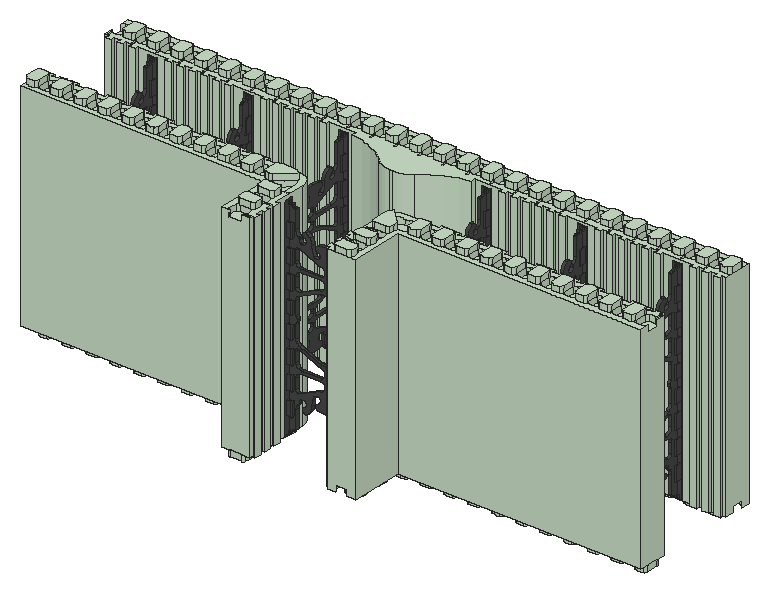
Revit family
Parameters (values of type "6-inch Short T Form Unit")
  URL = "www.nudura.com"
  Overall Form Thickness = 0' - 11 1/4"
  Model = "6-inch Long T Form Unit"
  Manufacturer = "NUDURA Corporation"
  Concrete Core Thickness = 0' - 6"
Reference planes (in)
  plane 1 "Center (Front/Back)": y = 0
  plane 2: z = 0
  plane 3 "Center (Left/Right)": x = 0
  plane 4: y = 3
  plane 5: y = -3
  plane 6: x = 3
  plane 7: x = -3
  plane 8: z = 18
Forms (in)
  Extrusion 1, solid, material "NUDURA Expanded Polystyrene Foam Insulation"
    sketch origin (0, 0, 0) x (1, 0, 0) y (0, 1, 0)
      loop
        arc (-3.25, -4.49998) -> (-3.61612, -3.6161) -> (-4.5, -3.24998) r 1.25
        line (-4.5, -3.24998) -> (-7.28117, -3.24998) -> (-7.21883, -2.99998) -> (-7.78117, -2.99998) -> (-7.71883, -3.24998) -> (-8.28117, -3.24998) -> (-8.21883, -2.99998) -> (-8.78117, -2.99998) -> (-8.71883, -3.24998) -> (-9.28117, -3.24998) -> (-9.21883, -2.99998) -> (-9.78117, -2.99998) -> (-9.71883, -3.24998) -> (-10.28117, -3.24998) -> (-10.21883, -2.99998) -> (-10.78117, -2.99998) -> (-10.71883, -3.24998) -> (-11.2818, -3.24998) -> (-11.21947, -2.99998) -> (-11.7818, -2.99998) -> (-11.71947, -3.24998) -> (-12.2818, -3.24998) -> (-12.21947, -2.99998) -> (-12.7818, -2.99998) -> (-12.71947, -3.24998) -> (-15.28116, -3.24998) -> (-15.21883, -2.99998) -> (-15.78116, -2.99998) -> (-15.71883, -3.24998) -> (-16.28116, -3.24998) -> (-16.21883, -2.99998) -> (-16.78116, -2.99998) -> (-16.71883, -3.24998) -> (-17.28116, -3.24998) -> (-17.21883, -2.99998) -> (-17.78116, -2.99998) -> (-17.71883, -3.24998) -> (-18.28179, -3.24998) -> (-18.21946, -2.99998) -> (-18.78179, -2.99998) -> (-18.71946, -3.24998) -> (-19.28179, -3.24998) -> (-19.21946, -2.99998) -> (-19.78179, -2.99998) -> (-19.71946, -3.24998) -> (-20.28179, -3.24998) -> (-20.21946, -2.99998) -> (-20.78179, -2.99998) -> (-20.71946, -3.24998) -> (-23.28115, -3.24998) -> (-23.21882, -2.99998) -> (-23.78115, -2.99998) -> (-23.71882, -3.24998) -> (-24.28115, -3.24998) -> (-24.21882, -2.99998) -> (-24.78115, -2.99998) -> (-24.71882, -3.24998) -> (-25.28115, -3.24998) -> (-25.21882, -2.99998) -> (-25.78115, -2.99998) -> (-25.71882, -3.24998) -> (-26, -3.24998) -> (-26, -5.62244) -> (-5.625, -5.62244) -> (-5.625, -9.99744) -> (-3.25, -9.99744) -> (-3.25, -9.71882) -> (-3, -9.78115) -> (-3, -9.21882) -> (-3.25, -9.28115) -> (-3.25, -8.71882) -> (-3, -8.78115) -> (-3, -8.21882) -> (-3.25, -8.28115) -> (-3.25, -7.71882) -> (-3, -7.78115) -> (-3, -7.21882) -> (-3.25, -7.28115) -> (-3.25, -4.49998)
      loop
        line (5, 2.875) -> (5, 3.25) -> (7.28117, 3.25) -> (7.21883, 3) -> (7.78117, 3) -> (7.71883, 3.25) -> (8.28117, 3.25) -> (8.21883, 3) -> (8.78117, 3) -> (8.71883, 3.25) -> (9.28117, 3.25) -> (9.21883, 3) -> (9.78117, 3) -> (9.71883, 3.25) -> (10.28053, 3.25) -> (10.2182, 3) -> (10.78053, 3) -> (10.7182, 3.25) -> (11.28053, 3.25) -> (11.2182, 3) -> (11.78053, 3) -> (11.7182, 3.25) -> (12.28053, 3.25) -> (12.2182, 3) -> (12.78053, 3) -> (12.7182, 3.25) -> (15.28116, 3.25) -> (15.21883, 3) -> (15.78116, 3) -> (15.71883, 3.25) -> (16.28116, 3.25) -> (16.21883, 3) -> (16.78116, 3) -> (16.71883, 3.25) -> (17.28116, 3.25) -> (17.21883, 3) -> (17.78116, 3) -> (17.71883, 3.25) -> (18.28053, 3.25) -> (18.21819, 3) -> (18.78053, 3) -> (18.71819, 3.25) -> (19.28053, 3.25) -> (19.21819, 3) -> (19.78053, 3) -> (19.71819, 3.25) -> (20.28053, 3.25) -> (20.21819, 3) -> (20.78053, 3) -> (20.71819, 3.25) -> (23.28115, 3.25) -> (23.21882, 3) -> (23.78115, 3) -> (23.71882, 3.25) -> (24.28115, 3.25) -> (24.21882, 3) -> (24.78115, 3) -> (24.71882, 3.25) -> (25.28115, 3.25) -> (25.21882, 3) -> (25.78115, 3) -> (25.71882, 3.25) -> (26, 3.25) -> (26, 5.62754) -> (-26, 5.62754) -> (-26, 3.25) -> (-25.71882, 3.25) -> (-25.78115, 3) -> (-25.21882, 3) -> (-25.28115, 3.25) -> (-24.71882, 3.25) -> (-24.78115, 3) -> (-24.21882, 3) -> (-24.28115, 3.25) -> (-23.71882, 3.25) -> (-23.78115, 3) -> (-23.21882, 3) -> (-23.28115, 3.25) -> (-20.71819, 3.25) -> (-20.78053, 3) -> (-20.21819, 3) -> (-20.28053, 3.25) -> (-19.71819, 3.25) -> (-19.78053, 3) -> (-19.21819, 3) -> (-19.28053, 3.25) -> (-18.71819, 3.25) -> (-18.78053, 3) -> (-18.21819, 3) -> (-18.28053, 3.25) -> (-17.71883, 3.25) -> (-17.78116, 3) -> (-17.21883, 3) -> (-17.28116, 3.25) -> (-16.71883, 3.25) -> (-16.78116, 3) -> (-16.21883, 3) -> (-16.28116, 3.25) -> (-15.71883, 3.25) -> (-15.78116, 3) -> (-15.21883, 3) -> (-15.28116, 3.25) -> (-12.7182, 3.25) -> (-12.78053, 3) -> (-12.2182, 3) -> (-12.28053, 3.25) -> (-11.7182, 3.25) -> (-11.78053, 3) -> (-11.2182, 3) -> (-11.28053, 3.25) -> (-10.7182, 3.25) -> (-10.78053, 3) -> (-10.2182, 3) -> (-10.28053, 3.25) -> (-9.71883, 3.25) -> (-9.78117, 3) -> (-9.21883, 3) -> (-9.28117, 3.25) -> (-8.71883, 3.25) -> (-8.78117, 3) -> (-8.21883, 3) -> (-8.28117, 3.25) -> (-7.71883, 3.25) -> (-7.78117, 3) -> (-7.21883, 3) -> (-7.28117, 3.25) -> (-5, 3.25) -> (-5, 2.875)
        arc (-5, 2.875) -> (-3.12304, 2.37468) -> (-1.50918, 1.29358) r 5.91797
        arc (-1.50918, 1.29358) -> (-0.87575, 0.89086) -> (-0.13847, 0.75) r 2
        line (-0.13847, 0.75) -> (0.13847, 0.75)
        arc (0.13847, 0.75) -> (0.87575, 0.89086) -> (1.50918, 1.29358) r 2
        arc (1.50918, 1.29358) -> (3.12304, 2.37468) -> (5, 2.875) r 5.91797
      loop
        line (3.25, -4.49998) -> (3.25, -7.28115) -> (3, -7.21882) -> (3, -7.78115) -> (3.25, -7.71882) -> (3.25, -8.28115) -> (3, -8.21882) -> (3, -8.78115) -> (3.25, -8.71882) -> (3.25, -9.28115) -> (3, -9.21882) -> (3, -9.78115) -> (3.25, -9.71882) -> (3.25, -9.99998) -> (5.625, -9.99998) -> (5.625, -5.62244) -> (26, -5.62244) -> (26, -3.24998) -> (25.71882, -3.24998) -> (25.78115, -2.99998) -> (25.21882, -2.99998) -> (25.28115, -3.24998) -> (24.71882, -3.24998) -> (24.78115, -2.99998) -> (24.21882, -2.99998) -> (24.28115, -3.24998) -> (23.71882, -3.24998) -> (23.78115, -2.99998) -> (23.21882, -2.99998) -> (23.28115, -3.24998) -> (20.71946, -3.24998) -> (20.78179, -2.99998) -> (20.21946, -2.99998) -> (20.28179, -3.24998) -> (19.71946, -3.24998) -> (19.78179, -2.99998) -> (19.21946, -2.99998) -> (19.28179, -3.24998) -> (18.71946, -3.24998) -> (18.78179, -2.99998) -> (18.21946, -2.99998) -> (18.28179, -3.24998) -> (17.71883, -3.24998) -> (17.78116, -2.99998) -> (17.21883, -2.99998) -> (17.28116, -3.24998) -> (16.71883, -3.24998) -> (16.78116, -2.99998) -> (16.21883, -2.99998) -> (16.28116, -3.24998) -> (15.71883, -3.24998) -> (15.78116, -2.99998) -> (15.21883, -2.99998) -> (15.28116, -3.24998) -> (12.71947, -3.24998) -> (12.7818, -2.99998) -> (12.21947, -2.99998) -> (12.2818, -3.24998) -> (11.71947, -3.24998) -> (11.7818, -2.99998) -> (11.21947, -2.99998) -> (11.2818, -3.24998) -> (10.71947, -3.24998) -> (10.7818, -2.99998) -> (10.21947, -2.99998) -> (10.2818, -3.24998) -> (9.71883, -3.24998) -> (9.78117, -2.99998) -> (9.21883, -2.99998) -> (9.28117, -3.24998) -> (8.71883, -3.24998) -> (8.78117, -2.99998) -> (8.21883, -2.99998) -> (8.28117, -3.24998) -> (7.71883, -3.24998) -> (7.78117, -2.99998) -> (7.21883, -2.99998) -> (7.28117, -3.24998) -> (4.5, -3.24998)
        arc (4.5, -3.24998) -> (3.61612, -3.6161) -> (3.25, -4.49998) r 1.25
    from 0 to 18
  Extrusion 2, void
    sketch origin (0, 16, 0) x (1, 0, 0) y (0, 1, 0)
      loop
        arc (-5.13595, -25.17306) -> (-5.1875, -25.49998) -> (-5.13595, -25.8269) r 1.0625
        arc (-5.13595, -25.8269) -> (-5.0592, -25.94114) -> (-4.93362, -25.99744) r 0.25
        line (-4.93362, -25.99744) -> (-3.94138, -25.99744)
        arc (-3.94138, -25.99744) -> (-3.86932, -25.97564) -> (-3.80702, -25.93338) r 0.25
        arc (-3.80702, -25.93338) -> (-3.78736, -25.92104) -> (-3.76455, -25.91673) r 0.0625
        line (-3.76455, -25.91673) -> (-3.41845, -25.91673) -> (-3.41845, -25.7459) -> (-3.64005, -25.7459)
        arc (-3.64005, -25.7459) -> (-3.68771, -25.72383) -> (-3.70172, -25.67321) r 0.0625
        arc (-3.70172, -25.67321) -> (-3.69045, -25.4209) -> (-3.73905, -25.17306) r 1.0625
        arc (-3.73905, -25.17306) -> (-3.82983, -25.04783) -> (-3.97692, -24.99998) r 0.25
        line (-3.97692, -24.99998) -> (-4.89808, -24.99998)
        arc (-4.89808, -24.99998) -> (-5.04517, -25.04783) -> (-5.13595, -25.17306) r 0.25
    from 18 to 17.5
  Extrusion 3, void
    sketch origin (0, 18, 0) x (1, 0, 0) y (0, 1, 0)
      loop
        arc (-5.13595, -25.17306) -> (-5.1875, -25.49998) -> (-5.13595, -25.8269) r 1.0625
        arc (-5.13595, -25.8269) -> (-5.04517, -25.95213) -> (-4.89808, -25.99998) r 0.25
        line (-4.89808, -25.99998) -> (-3.97692, -25.99998)
        arc (-3.97692, -25.99998) -> (-3.88568, -25.98274) -> (-3.80702, -25.93338) r 0.25
        arc (-3.80702, -25.93338) -> (-3.78736, -25.92104) -> (-3.76455, -25.91673) r 0.0625
        line (-3.76455, -25.91673) -> (-3.41845, -25.91673) -> (-3.41845, -25.7459) -> (-3.64005, -25.7459)
        arc (-3.64005, -25.7459) -> (-3.68771, -25.72383) -> (-3.70172, -25.67321) r 0.0625
        arc (-3.70172, -25.67321) -> (-3.69045, -25.4209) -> (-3.73905, -25.17306) r 1.0625
        arc (-3.73905, -25.17306) -> (-3.82983, -25.04783) -> (-3.97692, -24.99998) r 0.25
        line (-3.97692, -24.99998) -> (-4.89808, -24.99998)
        arc (-4.89808, -24.99998) -> (-5.04517, -25.04783) -> (-5.13595, -25.17306) r 0.25
    from 18 to 17.5
  Extrusion 4, void
    sketch origin (0, 0, 0) x (1, 0, 0) y (0, 1, 0)
      loop
        line (-5.1875, -5.18748) -> (-5.1875, -5.49998)
        arc (-5.1875, -5.49998) -> (-5.17453, -5.66546) -> (-5.13595, -5.8269) r 1.0625
        arc (-5.13595, -5.8269) -> (-5.04517, -5.95213) -> (-4.89808, -5.99998) r 0.25
        line (-4.89808, -5.99998) -> (-3.97692, -5.99998)
        arc (-3.97692, -5.99998) -> (-3.88568, -5.98274) -> (-3.80702, -5.93338) r 0.25
        arc (-3.80702, -5.93338) -> (-3.78736, -5.92104) -> (-3.76455, -5.91673) r 0.0625
        line (-3.76455, -5.91673) -> (-3.41845, -5.91673) -> (-3.41845, -5.7459) -> (-3.64005, -5.7459)
        arc (-3.64005, -5.7459) -> (-3.68771, -5.72383) -> (-3.70172, -5.67321) r 0.0625
        arc (-3.70172, -5.67321) -> (-3.69106, -5.58689) -> (-3.6875, -5.49998) r 1.0625
        line (-3.6875, -5.49998) -> (-3.6875, -4.68748)
        arc (-3.6875, -4.68748) -> (-3.76362, -4.3048) -> (-3.98039, -3.98037) r 1
        line (-3.98039, -3.98037) -> (-5.1875, -5.18748)
    from 18 to 17.5
  Extrusion 5, void
    sketch origin (-31.99998, 0.00002, 0) x (0, 1, 0) y (-1, 0, 0)
      loop
        arc (-5.13595, -25.17306) -> (-5.1875, -25.49998) -> (-5.13595, -25.8269) r 1.0625
        arc (-5.13595, -25.8269) -> (-5.04517, -25.95213) -> (-4.89808, -25.99998) r 0.25
        line (-4.89808, -25.99998) -> (-3.97692, -25.99998)
        arc (-3.97692, -25.99998) -> (-3.88568, -25.98274) -> (-3.80702, -25.93338) r 0.25
        arc (-3.80702, -25.93338) -> (-3.78736, -25.92104) -> (-3.76455, -25.91673) r 0.0625
        line (-3.76455, -25.91673) -> (-3.41845, -25.91673) -> (-3.41845, -25.7459) -> (-3.64005, -25.7459)
        arc (-3.64005, -25.7459) -> (-3.68771, -25.72383) -> (-3.70172, -25.67321) r 0.0625
        arc (-3.70172, -25.67321) -> (-3.69045, -25.4209) -> (-3.73905, -25.17306) r 1.0625
        arc (-3.73905, -25.17306) -> (-3.82983, -25.04783) -> (-3.97692, -24.99998) r 0.25
        line (-3.97692, -24.99998) -> (-4.89808, -24.99998)
        arc (-4.89808, -24.99998) -> (-5.04517, -25.04783) -> (-5.13595, -25.17306) r 0.25
    from 18 to 17.5
  Extrusion 6, void
    sketch origin (-33.99998, 0.00002, 0) x (0, 1, 0) y (-1, 0, 0)
      loop
        arc (-5.13595, -25.17306) -> (-5.1875, -25.49998) -> (-5.13595, -25.8269) r 1.0625
        arc (-5.13595, -25.8269) -> (-5.04517, -25.95213) -> (-4.89808, -25.99998) r 0.25
        line (-4.89808, -25.99998) -> (-3.97692, -25.99998)
        arc (-3.97692, -25.99998) -> (-3.88568, -25.98274) -> (-3.80702, -25.93338) r 0.25
        arc (-3.80702, -25.93338) -> (-3.78736, -25.92104) -> (-3.76455, -25.91673) r 0.0625
        line (-3.76455, -25.91673) -> (-3.41845, -25.91673) -> (-3.41845, -25.7459) -> (-3.64005, -25.7459)
        arc (-3.64005, -25.7459) -> (-3.68771, -25.72383) -> (-3.70172, -25.67321) r 0.0625
        arc (-3.70172, -25.67321) -> (-3.69045, -25.4209) -> (-3.73905, -25.17306) r 1.0625
        arc (-3.73905, -25.17306) -> (-3.82983, -25.04783) -> (-3.97692, -24.99998) r 0.25
        line (-3.97692, -24.99998) -> (-4.89808, -24.99998)
        arc (-4.89808, -24.99998) -> (-5.04517, -25.04783) -> (-5.13595, -25.17306) r 0.25
    from 18 to 17.5
  Extrusion 7, void
    sketch origin (0, -33.99996, 0) x (1, 0, 0) y (0, 1, 0)
      loop
        arc (-5.13595, 25.17306) -> (-5.04517, 25.04783) -> (-4.89808, 24.99998) r 0.25
        line (-4.89808, 24.99998) -> (-3.97692, 24.99998)
        arc (-3.97692, 24.99998) -> (-3.82983, 25.04783) -> (-3.73905, 25.17306) r 0.25
        arc (-3.73905, 25.17306) -> (-3.69045, 25.4209) -> (-3.70172, 25.67321) r 1.0625
        arc (-3.70172, 25.67321) -> (-3.68771, 25.72383) -> (-3.64005, 25.7459) r 0.0625
        line (-3.64005, 25.7459) -> (-3.41845, 25.7459) -> (-3.41845, 25.91673) -> (-3.76455, 25.91673)
        arc (-3.76455, 25.91673) -> (-3.78736, 25.92104) -> (-3.80702, 25.93338) r 0.0625
        arc (-3.80702, 25.93338) -> (-3.88568, 25.98274) -> (-3.97692, 25.99998) r 0.25
        line (-3.97692, 25.99998) -> (-4.89808, 25.99998)
        arc (-4.89808, 25.99998) -> (-5.04517, 25.95213) -> (-5.13595, 25.8269) r 0.25
        arc (-5.13595, 25.8269) -> (-5.1875, 25.49998) -> (-5.13595, 25.17306) r 1.0625
    from 0 to 0.5
  Extrusion 8, void
    sketch origin (0, -31.99996, 0) x (1, 0, 0) y (0, 1, 0)
      loop
        arc (-5.13595, 25.17306) -> (-5.04517, 25.04783) -> (-4.89808, 24.99998) r 0.25
        line (-4.89808, 24.99998) -> (-3.97692, 24.99998)
        arc (-3.97692, 24.99998) -> (-3.82983, 25.04783) -> (-3.73905, 25.17306) r 0.25
        arc (-3.73905, 25.17306) -> (-3.69045, 25.4209) -> (-3.70172, 25.67321) r 1.0625
        arc (-3.70172, 25.67321) -> (-3.68771, 25.72383) -> (-3.64005, 25.7459) r 0.0625
        line (-3.64005, 25.7459) -> (-3.41845, 25.7459) -> (-3.41845, 25.91673) -> (-3.76455, 25.91673)
        arc (-3.76455, 25.91673) -> (-3.78736, 25.92104) -> (-3.80702, 25.93338) r 0.0625
        arc (-3.80702, 25.93338) -> (-3.88568, 25.98274) -> (-3.97692, 25.99998) r 0.25
        line (-3.97692, 25.99998) -> (-4.89808, 25.99998)
        arc (-4.89808, 25.99998) -> (-5.04517, 25.95213) -> (-5.13595, 25.8269) r 0.25
        arc (-5.13595, 25.8269) -> (-5.1875, 25.49998) -> (-5.13595, 25.17306) r 1.0625
    from 0 to 0.5
  Extrusion 9, void
    sketch origin (-0.00002, 0.00002, 0) x (0, 1, 0) y (-1, 0, 0)
      loop
        line (-5.1875, 5.18748) -> (-3.98039, 3.98037)
        arc (-3.98039, 3.98037) -> (-3.76362, 4.3048) -> (-3.6875, 4.68748) r 1
        line (-3.6875, 4.68748) -> (-3.6875, 5.49998)
        arc (-3.6875, 5.49998) -> (-3.69106, 5.58689) -> (-3.70172, 5.67321) r 1.0625
        arc (-3.70172, 5.67321) -> (-3.68771, 5.72383) -> (-3.64005, 5.7459) r 0.0625
        line (-3.64005, 5.7459) -> (-3.41845, 5.7459) -> (-3.41845, 5.91673) -> (-3.76455, 5.91673)
        arc (-3.76455, 5.91673) -> (-3.78736, 5.92104) -> (-3.80702, 5.93338) r 0.0625
        arc (-3.80702, 5.93338) -> (-3.88568, 5.98274) -> (-3.97692, 5.99998) r 0.25
        line (-3.97692, 5.99998) -> (-4.89808, 5.99998)
        arc (-4.89808, 5.99998) -> (-5.04517, 5.95213) -> (-5.13595, 5.8269) r 0.25
        arc (-5.13595, 5.8269) -> (-5.17453, 5.66546) -> (-5.1875, 5.49998) r 1.0625
        line (-5.1875, 5.49998) -> (-5.1875, 5.18748)
    from 0 to 0.5
  Extrusion 10, void
    sketch origin (17.99998, 0.00002, 0) x (0, 1, 0) y (-1, 0, 0)
      loop
        arc (-5.13595, 25.17306) -> (-5.04517, 25.04783) -> (-4.89808, 24.99998) r 0.25
        line (-4.89808, 24.99998) -> (-3.97692, 24.99998)
        arc (-3.97692, 24.99998) -> (-3.82983, 25.04783) -> (-3.73905, 25.17306) r 0.25
        arc (-3.73905, 25.17306) -> (-3.69045, 25.4209) -> (-3.70172, 25.67321) r 1.0625
        arc (-3.70172, 25.67321) -> (-3.68771, 25.72383) -> (-3.64005, 25.7459) r 0.0625
        line (-3.64005, 25.7459) -> (-3.41845, 25.7459) -> (-3.41845, 25.91673) -> (-3.76455, 25.91673)
        arc (-3.76455, 25.91673) -> (-3.78736, 25.92104) -> (-3.80702, 25.93338) r 0.0625
        arc (-3.80702, 25.93338) -> (-3.88568, 25.98274) -> (-3.97692, 25.99998) r 0.25
        line (-3.97692, 25.99998) -> (-4.89808, 25.99998)
        arc (-4.89808, 25.99998) -> (-5.04517, 25.95213) -> (-5.13595, 25.8269) r 0.25
        arc (-5.13595, 25.8269) -> (-5.1875, 25.49998) -> (-5.13595, 25.17306) r 1.0625
    from 0 to 0.5
  Extrusion 11, void
    sketch origin (15.99998, 0.00002, 0) x (0, 1, 0) y (-1, 0, 0)
      loop
        arc (-5.13595, 25.17306) -> (-5.04517, 25.04783) -> (-4.89808, 24.99998) r 0.25
        line (-4.89808, 24.99998) -> (-3.97692, 24.99998)
        arc (-3.97692, 24.99998) -> (-3.82983, 25.04783) -> (-3.73905, 25.17306) r 0.25
        arc (-3.73905, 25.17306) -> (-3.69045, 25.4209) -> (-3.70172, 25.67321) r 1.0625
        arc (-3.70172, 25.67321) -> (-3.68771, 25.72383) -> (-3.64005, 25.7459) r 0.0625
        line (-3.64005, 25.7459) -> (-3.41845, 25.7459) -> (-3.41845, 25.91673) -> (-3.76455, 25.91673)
        arc (-3.76455, 25.91673) -> (-3.78736, 25.92104) -> (-3.80702, 25.93338) r 0.0625
        arc (-3.80702, 25.93338) -> (-3.88568, 25.98274) -> (-3.97692, 25.99998) r 0.25
        line (-3.97692, 25.99998) -> (-4.89808, 25.99998)
        arc (-4.89808, 25.99998) -> (-5.04517, 25.95213) -> (-5.13595, 25.8269) r 0.25
        arc (-5.13595, 25.8269) -> (-5.1875, 25.49998) -> (-5.13595, 25.17306) r 1.0625
    from 0 to 0.5
  Extrusion 12, void
    sketch origin (0, -33.99996, 0) x (-1, 0, 0) y (0, -1, 0)
      loop
        arc (-5.13595, -25.17306) -> (-5.1875, -25.49998) -> (-5.13595, -25.8269) r 1.0625
        arc (-5.13595, -25.8269) -> (-5.04517, -25.95213) -> (-4.89808, -25.99998) r 0.25
        line (-4.89808, -25.99998) -> (-3.97692, -25.99998)
        arc (-3.97692, -25.99998) -> (-3.88568, -25.98274) -> (-3.80702, -25.93338) r 0.25
        arc (-3.80702, -25.93338) -> (-3.78736, -25.92104) -> (-3.76455, -25.91673) r 0.0625
        line (-3.76455, -25.91673) -> (-3.41845, -25.91673) -> (-3.41845, -25.7459) -> (-3.64005, -25.7459)
        arc (-3.64005, -25.7459) -> (-3.68771, -25.72383) -> (-3.70172, -25.67321) r 0.0625
        arc (-3.70172, -25.67321) -> (-3.69045, -25.4209) -> (-3.73905, -25.17306) r 1.0625
        arc (-3.73905, -25.17306) -> (-3.82983, -25.04783) -> (-3.97692, -24.99998) r 0.25
        line (-3.97692, -24.99998) -> (-4.89808, -24.99998)
        arc (-4.89808, -24.99998) -> (-5.04517, -25.04783) -> (-5.13595, -25.17306) r 0.25
    from 18 to 17.5
  Extrusion 13, void
    sketch origin (0, -31.99996, 0) x (-1, 0, 0) y (0, -1, 0)
      loop
        arc (-5.13595, -25.17306) -> (-5.1875, -25.49998) -> (-5.13595, -25.8269) r 1.0625
        arc (-5.13595, -25.8269) -> (-5.04517, -25.95213) -> (-4.89808, -25.99998) r 0.25
        line (-4.89808, -25.99998) -> (-3.97692, -25.99998)
        arc (-3.97692, -25.99998) -> (-3.88568, -25.98274) -> (-3.80702, -25.93338) r 0.25
        arc (-3.80702, -25.93338) -> (-3.78736, -25.92104) -> (-3.76455, -25.91673) r 0.0625
        line (-3.76455, -25.91673) -> (-3.41845, -25.91673) -> (-3.41845, -25.7459) -> (-3.64005, -25.7459)
        arc (-3.64005, -25.7459) -> (-3.68771, -25.72383) -> (-3.70172, -25.67321) r 0.0625
        arc (-3.70172, -25.67321) -> (-3.69045, -25.4209) -> (-3.73905, -25.17306) r 1.0625
        arc (-3.73905, -25.17306) -> (-3.82983, -25.04783) -> (-3.97692, -24.99998) r 0.25
        line (-3.97692, -24.99998) -> (-4.89808, -24.99998)
        arc (-4.89808, -24.99998) -> (-5.04517, -25.04783) -> (-5.13595, -25.17306) r 0.25
    from 18 to 17.5
  Extrusion 14, void
    sketch origin (-17.99998, 0.00002, 0) x (0, 1, 0) y (-1, 0, 0)
      loop
        arc (-5.13595, -25.17306) -> (-5.1875, -25.49998) -> (-5.13595, -25.8269) r 1.0625
        arc (-5.13595, -25.8269) -> (-5.04517, -25.95213) -> (-4.89808, -25.99998) r 0.25
        line (-4.89808, -25.99998) -> (-3.97692, -25.99998)
        arc (-3.97692, -25.99998) -> (-3.88568, -25.98274) -> (-3.80702, -25.93338) r 0.25
        arc (-3.80702, -25.93338) -> (-3.78736, -25.92104) -> (-3.76455, -25.91673) r 0.0625
        line (-3.76455, -25.91673) -> (-3.41845, -25.91673) -> (-3.41845, -25.7459) -> (-3.64005, -25.7459)
        arc (-3.64005, -25.7459) -> (-3.68771, -25.72383) -> (-3.70172, -25.67321) r 0.0625
        arc (-3.70172, -25.67321) -> (-3.69045, -25.4209) -> (-3.73905, -25.17306) r 1.0625
        arc (-3.73905, -25.17306) -> (-3.82983, -25.04783) -> (-3.97692, -24.99998) r 0.25
        line (-3.97692, -24.99998) -> (-4.89808, -24.99998)
        arc (-4.89808, -24.99998) -> (-5.04517, -25.04783) -> (-5.13595, -25.17306) r 0.25
    from 18 to 17.5
  Extrusion 15, void
    sketch origin (-15.99998, 0.00002, 0) x (0, 1, 0) y (-1, 0, 0)
      loop
        arc (-5.13595, -25.17306) -> (-5.1875, -25.49998) -> (-5.13595, -25.8269) r 1.0625
        arc (-5.13595, -25.8269) -> (-5.04517, -25.95213) -> (-4.89808, -25.99998) r 0.25
        line (-4.89808, -25.99998) -> (-3.97692, -25.99998)
        arc (-3.97692, -25.99998) -> (-3.88568, -25.98274) -> (-3.80702, -25.93338) r 0.25
        arc (-3.80702, -25.93338) -> (-3.78736, -25.92104) -> (-3.76455, -25.91673) r 0.0625
        line (-3.76455, -25.91673) -> (-3.41845, -25.91673) -> (-3.41845, -25.7459) -> (-3.64005, -25.7459)
        arc (-3.64005, -25.7459) -> (-3.68771, -25.72383) -> (-3.70172, -25.67321) r 0.0625
        arc (-3.70172, -25.67321) -> (-3.69045, -25.4209) -> (-3.73905, -25.17306) r 1.0625
        arc (-3.73905, -25.17306) -> (-3.82983, -25.04783) -> (-3.97692, -24.99998) r 0.25
        line (-3.97692, -24.99998) -> (-4.89808, -24.99998)
        arc (-4.89808, -24.99998) -> (-5.04517, -25.04783) -> (-5.13595, -25.17306) r 0.25
    from 18 to 17.5
  Extrusion 16, void
    sketch origin (0, 0, 0) x (1, 0, 0) y (0, 1, 0)
      loop
        arc (5.67323, -3.7017) -> (5.58691, -3.69104) -> (5.5, -3.68748) r 1.0625
        line (5.5, -3.68748) -> (4.6875, -3.68748)
        arc (4.6875, -3.68748) -> (4.30482, -3.7636) -> (3.98039, -3.98037) r 1
        line (3.98039, -3.98037) -> (5.1875, -5.18748) -> (5.5, -5.18748)
        arc (5.5, -5.18748) -> (5.66548, -5.17452) -> (5.82692, -5.13593) r 1.0625
        arc (5.82692, -5.13593) -> (5.95215, -5.04515) -> (6, -4.89806) r 0.25
        line (6, -4.89806) -> (6, -3.9769)
        arc (6, -3.9769) -> (5.98276, -3.88566) -> (5.9334, -3.807) r 0.25
        arc (5.9334, -3.807) -> (5.92106, -3.78734) -> (5.91675, -3.76453) r 0.0625
        line (5.91675, -3.76453) -> (5.91675, -3.41844) -> (5.74592, -3.41844) -> (5.74592, -3.64003)
        arc (5.74592, -3.64003) -> (5.72385, -3.68769) -> (5.67323, -3.7017) r 0.0625
    from 18 to 17.5
  Extrusion 17, void
    sketch origin (0, 16, 0) x (-1, 0, 0) y (0, -1, 0)
      loop
        arc (-5.13595, 25.17306) -> (-5.04517, 25.04783) -> (-4.89808, 24.99998) r 0.25
        line (-4.89808, 24.99998) -> (-3.97692, 24.99998)
        arc (-3.97692, 24.99998) -> (-3.82983, 25.04783) -> (-3.73905, 25.17306) r 0.25
        arc (-3.73905, 25.17306) -> (-3.69045, 25.4209) -> (-3.70172, 25.67321) r 1.0625
        arc (-3.70172, 25.67321) -> (-3.68771, 25.72383) -> (-3.64005, 25.7459) r 0.0625
        line (-3.64005, 25.7459) -> (-3.41845, 25.7459) -> (-3.41845, 25.91673) -> (-3.76455, 25.91673)
        arc (-3.76455, 25.91673) -> (-3.78736, 25.92104) -> (-3.80702, 25.93338) r 0.0625
        arc (-3.80702, 25.93338) -> (-3.88568, 25.98274) -> (-3.97692, 25.99998) r 0.25
        line (-3.97692, 25.99998) -> (-4.89808, 25.99998)
        arc (-4.89808, 25.99998) -> (-5.04517, 25.95213) -> (-5.13595, 25.8269) r 0.25
        arc (-5.13595, 25.8269) -> (-5.1875, 25.49998) -> (-5.13595, 25.17306) r 1.0625
    from 0 to 0.5
  Extrusion 18, void
    sketch origin (0, 18, 0) x (-1, 0, 0) y (0, -1, 0)
      loop
        arc (-5.13595, 25.17306) -> (-5.04517, 25.04783) -> (-4.89808, 24.99998) r 0.25
        line (-4.89808, 24.99998) -> (-3.97692, 24.99998)
        arc (-3.97692, 24.99998) -> (-3.82983, 25.04783) -> (-3.73905, 25.17306) r 0.25
        arc (-3.73905, 25.17306) -> (-3.69045, 25.4209) -> (-3.70172, 25.67321) r 1.0625
        arc (-3.70172, 25.67321) -> (-3.68771, 25.72383) -> (-3.64005, 25.7459) r 0.0625
        line (-3.64005, 25.7459) -> (-3.41845, 25.7459) -> (-3.41845, 25.91673) -> (-3.76455, 25.91673)
        arc (-3.76455, 25.91673) -> (-3.78736, 25.92104) -> (-3.80702, 25.93338) r 0.0625
        arc (-3.80702, 25.93338) -> (-3.88568, 25.98274) -> (-3.97692, 25.99998) r 0.25
        line (-3.97692, 25.99998) -> (-4.89808, 25.99998)
        arc (-4.89808, 25.99998) -> (-5.04517, 25.95213) -> (-5.13595, 25.8269) r 0.25
        arc (-5.13595, 25.8269) -> (-5.1875, 25.49998) -> (-5.13595, 25.17306) r 1.0625
    from 0 to 0.5
  Extrusion 19, void
    sketch origin (0.00002, 0.00002, 0) x (0, -1, 0) y (1, 0, 0)
      loop
        arc (5.67323, 3.7017) -> (5.72385, 3.68769) -> (5.74592, 3.64003) r 0.0625
        line (5.74592, 3.64003) -> (5.74592, 3.41844) -> (5.91675, 3.41844) -> (5.91675, 3.76453)
        arc (5.91675, 3.76453) -> (5.92106, 3.78734) -> (5.9334, 3.807) r 0.0625
        arc (5.9334, 3.807) -> (5.98276, 3.88566) -> (6, 3.9769) r 0.25
        line (6, 3.9769) -> (6, 4.89806)
        arc (6, 4.89806) -> (5.95215, 5.04515) -> (5.82692, 5.13593) r 0.25
        arc (5.82692, 5.13593) -> (5.66548, 5.17452) -> (5.5, 5.18748) r 1.0625
        line (5.5, 5.18748) -> (5.1875, 5.18748) -> (3.98039, 3.98037)
        arc (3.98039, 3.98037) -> (4.30482, 3.7636) -> (4.6875, 3.68748) r 1
        line (4.6875, 3.68748) -> (5.5, 3.68748)
        arc (5.5, 3.68748) -> (5.58691, 3.69104) -> (5.67323, 3.7017) r 1.0625
    from 0 to 0.5
  Extrusion 20, void
    sketch origin (31.99998, 0.00002, 0) x (0, 1, 0) y (-1, 0, 0)
      loop
        arc (-5.13595, 25.17306) -> (-5.04517, 25.04783) -> (-4.89808, 24.99998) r 0.25
        line (-4.89808, 24.99998) -> (-3.97692, 24.99998)
        arc (-3.97692, 24.99998) -> (-3.82983, 25.04783) -> (-3.73905, 25.17306) r 0.25
        arc (-3.73905, 25.17306) -> (-3.69045, 25.4209) -> (-3.70172, 25.67321) r 1.0625
        arc (-3.70172, 25.67321) -> (-3.68771, 25.72383) -> (-3.64005, 25.7459) r 0.0625
        line (-3.64005, 25.7459) -> (-3.41845, 25.7459) -> (-3.41845, 25.91673) -> (-3.76455, 25.91673)
        arc (-3.76455, 25.91673) -> (-3.78736, 25.92104) -> (-3.80702, 25.93338) r 0.0625
        arc (-3.80702, 25.93338) -> (-3.88568, 25.98274) -> (-3.97692, 25.99998) r 0.25
        line (-3.97692, 25.99998) -> (-4.89808, 25.99998)
        arc (-4.89808, 25.99998) -> (-5.04517, 25.95213) -> (-5.13595, 25.8269) r 0.25
        arc (-5.13595, 25.8269) -> (-5.1875, 25.49998) -> (-5.13595, 25.17306) r 1.0625
    from 0 to 0.5
  Extrusion 21, void
    sketch origin (33.99998, 0.00002, 0) x (0, 1, 0) y (-1, 0, 0)
      loop
        arc (-5.13595, 25.17306) -> (-5.04517, 25.04783) -> (-4.89808, 24.99998) r 0.25
        line (-4.89808, 24.99998) -> (-3.97692, 24.99998)
        arc (-3.97692, 24.99998) -> (-3.82983, 25.04783) -> (-3.73905, 25.17306) r 0.25
        arc (-3.73905, 25.17306) -> (-3.69045, 25.4209) -> (-3.70172, 25.67321) r 1.0625
        arc (-3.70172, 25.67321) -> (-3.68771, 25.72383) -> (-3.64005, 25.7459) r 0.0625
        line (-3.64005, 25.7459) -> (-3.41845, 25.7459) -> (-3.41845, 25.91673) -> (-3.76455, 25.91673)
        arc (-3.76455, 25.91673) -> (-3.78736, 25.92104) -> (-3.80702, 25.93338) r 0.0625
        arc (-3.80702, 25.93338) -> (-3.88568, 25.98274) -> (-3.97692, 25.99998) r 0.25
        line (-3.97692, 25.99998) -> (-4.89808, 25.99998)
        arc (-4.89808, 25.99998) -> (-5.04517, 25.95213) -> (-5.13595, 25.8269) r 0.25
        arc (-5.13595, 25.8269) -> (-5.1875, 25.49998) -> (-5.13595, 25.17306) r 1.0625
    from 0 to 0.5
  Extrusion 22, void
    sketch origin (15.99998, -0.00002, 0) x (0, -1, 0) y (1, 0, 0)
      loop
        arc (-5.13595, -25.17306) -> (-5.1875, -25.49998) -> (-5.13595, -25.8269) r 1.0625
        arc (-5.13595, -25.8269) -> (-5.04517, -25.95213) -> (-4.89808, -25.99998) r 0.25
        line (-4.89808, -25.99998) -> (-3.97692, -25.99998)
        arc (-3.97692, -25.99998) -> (-3.88568, -25.98274) -> (-3.80702, -25.93338) r 0.25
        arc (-3.80702, -25.93338) -> (-3.78736, -25.92104) -> (-3.76455, -25.91673) r 0.0625
        line (-3.76455, -25.91673) -> (-3.41845, -25.91673) -> (-3.41845, -25.7459) -> (-3.64005, -25.7459)
        arc (-3.64005, -25.7459) -> (-3.68771, -25.72383) -> (-3.70172, -25.67321) r 0.0625
        arc (-3.70172, -25.67321) -> (-3.69045, -25.4209) -> (-3.73905, -25.17306) r 1.0625
        arc (-3.73905, -25.17306) -> (-3.82983, -25.04783) -> (-3.97692, -24.99998) r 0.25
        line (-3.97692, -24.99998) -> (-4.89808, -24.99998)
        arc (-4.89808, -24.99998) -> (-5.04517, -25.04783) -> (-5.13595, -25.17306) r 0.25
    from 18 to 17.5
  Extrusion 23, void
    sketch origin (17.99998, -0.00002, 0) x (0, -1, 0) y (1, 0, 0)
      loop
        arc (-5.13595, -25.17306) -> (-5.1875, -25.49998) -> (-5.13595, -25.8269) r 1.0625
        arc (-5.13595, -25.8269) -> (-5.04517, -25.95213) -> (-4.89808, -25.99998) r 0.25
        line (-4.89808, -25.99998) -> (-3.97692, -25.99998)
        arc (-3.97692, -25.99998) -> (-3.88568, -25.98274) -> (-3.80702, -25.93338) r 0.25
        arc (-3.80702, -25.93338) -> (-3.78736, -25.92104) -> (-3.76455, -25.91673) r 0.0625
        line (-3.76455, -25.91673) -> (-3.41845, -25.91673) -> (-3.41845, -25.7459) -> (-3.64005, -25.7459)
        arc (-3.64005, -25.7459) -> (-3.68771, -25.72383) -> (-3.70172, -25.67321) r 0.0625
        arc (-3.70172, -25.67321) -> (-3.69045, -25.4209) -> (-3.73905, -25.17306) r 1.0625
        arc (-3.73905, -25.17306) -> (-3.82983, -25.04783) -> (-3.97692, -24.99998) r 0.25
        line (-3.97692, -24.99998) -> (-4.89808, -24.99998)
        arc (-4.89808, -24.99998) -> (-5.04517, -25.04783) -> (-5.13595, -25.17306) r 0.25
    from 18 to 17.5
  Extrusion 24, void
    sketch origin (19.99998, -0.00002, 0) x (0, -1, 0) y (1, 0, 0)
      loop
        arc (-5.13595, -25.17306) -> (-5.1875, -25.49998) -> (-5.13595, -25.8269) r 1.0625
        arc (-5.13595, -25.8269) -> (-5.04517, -25.95213) -> (-4.89808, -25.99998) r 0.25
        line (-4.89808, -25.99998) -> (-3.97692, -25.99998)
        arc (-3.97692, -25.99998) -> (-3.88568, -25.98274) -> (-3.80702, -25.93338) r 0.25
        arc (-3.80702, -25.93338) -> (-3.78736, -25.92104) -> (-3.76455, -25.91673) r 0.0625
        line (-3.76455, -25.91673) -> (-3.41845, -25.91673) -> (-3.41845, -25.7459) -> (-3.64005, -25.7459)
        arc (-3.64005, -25.7459) -> (-3.68771, -25.72383) -> (-3.70172, -25.67321) r 0.0625
        arc (-3.70172, -25.67321) -> (-3.69045, -25.4209) -> (-3.73905, -25.17306) r 1.0625
        arc (-3.73905, -25.17306) -> (-3.82983, -25.04783) -> (-3.97692, -24.99998) r 0.25
        line (-3.97692, -24.99998) -> (-4.89808, -24.99998)
        arc (-4.89808, -24.99998) -> (-5.04517, -25.04783) -> (-5.13595, -25.17306) r 0.25
    from 18 to 17.5
  Extrusion 25, void
    sketch origin (21.99998, -0.00002, 0) x (0, -1, 0) y (1, 0, 0)
      loop
        arc (-5.13595, -25.17306) -> (-5.1875, -25.49998) -> (-5.13595, -25.8269) r 1.0625
        arc (-5.13595, -25.8269) -> (-5.04517, -25.95213) -> (-4.89808, -25.99998) r 0.25
        line (-4.89808, -25.99998) -> (-3.97692, -25.99998)
        arc (-3.97692, -25.99998) -> (-3.88568, -25.98274) -> (-3.80702, -25.93338) r 0.25
        arc (-3.80702, -25.93338) -> (-3.78736, -25.92104) -> (-3.76455, -25.91673) r 0.0625
        line (-3.76455, -25.91673) -> (-3.41845, -25.91673) -> (-3.41845, -25.7459) -> (-3.64005, -25.7459)
        arc (-3.64005, -25.7459) -> (-3.68771, -25.72383) -> (-3.70172, -25.67321) r 0.0625
        arc (-3.70172, -25.67321) -> (-3.69045, -25.4209) -> (-3.73905, -25.17306) r 1.0625
        arc (-3.73905, -25.17306) -> (-3.82983, -25.04783) -> (-3.97692, -24.99998) r 0.25
        line (-3.97692, -24.99998) -> (-4.89808, -24.99998)
        arc (-4.89808, -24.99998) -> (-5.04517, -25.04783) -> (-5.13595, -25.17306) r 0.25
    from 18 to 17.5
  Extrusion 26, void
    sketch origin (23.99998, -0.00002, 0) x (0, -1, 0) y (1, 0, 0)
      loop
        arc (-5.13595, -25.17306) -> (-5.1875, -25.49998) -> (-5.13595, -25.8269) r 1.0625
        arc (-5.13595, -25.8269) -> (-5.04517, -25.95213) -> (-4.89808, -25.99998) r 0.25
        line (-4.89808, -25.99998) -> (-3.97692, -25.99998)
        arc (-3.97692, -25.99998) -> (-3.88568, -25.98274) -> (-3.80702, -25.93338) r 0.25
        arc (-3.80702, -25.93338) -> (-3.78736, -25.92104) -> (-3.76455, -25.91673) r 0.0625
        line (-3.76455, -25.91673) -> (-3.41845, -25.91673) -> (-3.41845, -25.7459) -> (-3.64005, -25.7459)
        arc (-3.64005, -25.7459) -> (-3.68771, -25.72383) -> (-3.70172, -25.67321) r 0.0625
        arc (-3.70172, -25.67321) -> (-3.69045, -25.4209) -> (-3.73905, -25.17306) r 1.0625
        arc (-3.73905, -25.17306) -> (-3.82983, -25.04783) -> (-3.97692, -24.99998) r 0.25
        line (-3.97692, -24.99998) -> (-4.89808, -24.99998)
        arc (-4.89808, -24.99998) -> (-5.04517, -25.04783) -> (-5.13595, -25.17306) r 0.25
    from 18 to 17.5
  Extrusion 27, void
    sketch origin (25.99998, -0.00002, 0) x (0, -1, 0) y (1, 0, 0)
      loop
        arc (-5.13595, -25.17306) -> (-5.1875, -25.49998) -> (-5.13595, -25.8269) r 1.0625
        arc (-5.13595, -25.8269) -> (-5.04517, -25.95213) -> (-4.89808, -25.99998) r 0.25
        line (-4.89808, -25.99998) -> (-3.97692, -25.99998)
        arc (-3.97692, -25.99998) -> (-3.88568, -25.98274) -> (-3.80702, -25.93338) r 0.25
        arc (-3.80702, -25.93338) -> (-3.78736, -25.92104) -> (-3.76455, -25.91673) r 0.0625
        line (-3.76455, -25.91673) -> (-3.41845, -25.91673) -> (-3.41845, -25.7459) -> (-3.64005, -25.7459)
        arc (-3.64005, -25.7459) -> (-3.68771, -25.72383) -> (-3.70172, -25.67321) r 0.0625
        arc (-3.70172, -25.67321) -> (-3.69045, -25.4209) -> (-3.73905, -25.17306) r 1.0625
        arc (-3.73905, -25.17306) -> (-3.82983, -25.04783) -> (-3.97692, -24.99998) r 0.25
        line (-3.97692, -24.99998) -> (-4.89808, -24.99998)
        arc (-4.89808, -24.99998) -> (-5.04517, -25.04783) -> (-5.13595, -25.17306) r 0.25
    from 18 to 17.5
  Extrusion 28, void
    sketch origin (27.99998, -0.00002, 0) x (0, -1, 0) y (1, 0, 0)
      loop
        arc (-5.13595, -25.17306) -> (-5.1875, -25.49998) -> (-5.13595, -25.8269) r 1.0625
        arc (-5.13595, -25.8269) -> (-5.04517, -25.95213) -> (-4.89808, -25.99998) r 0.25
        line (-4.89808, -25.99998) -> (-3.97692, -25.99998)
        arc (-3.97692, -25.99998) -> (-3.88568, -25.98274) -> (-3.80702, -25.93338) r 0.25
        arc (-3.80702, -25.93338) -> (-3.78736, -25.92104) -> (-3.76455, -25.91673) r 0.0625
        line (-3.76455, -25.91673) -> (-3.41845, -25.91673) -> (-3.41845, -25.7459) -> (-3.64005, -25.7459)
        arc (-3.64005, -25.7459) -> (-3.68771, -25.72383) -> (-3.70172, -25.67321) r 0.0625
        arc (-3.70172, -25.67321) -> (-3.69045, -25.4209) -> (-3.73905, -25.17306) r 1.0625
        arc (-3.73905, -25.17306) -> (-3.82983, -25.04783) -> (-3.97692, -24.99998) r 0.25
        line (-3.97692, -24.99998) -> (-4.89808, -24.99998)
        arc (-4.89808, -24.99998) -> (-5.04517, -25.04783) -> (-5.13595, -25.17306) r 0.25
    from 18 to 17.5
  Extrusion 29, void
    sketch origin (29.99998, -0.00002, 0) x (0, -1, 0) y (1, 0, 0)
      loop
        arc (-5.13595, -25.17306) -> (-5.1875, -25.49998) -> (-5.13595, -25.8269) r 1.0625
        arc (-5.13595, -25.8269) -> (-5.04517, -25.95213) -> (-4.89808, -25.99998) r 0.25
        line (-4.89808, -25.99998) -> (-3.97692, -25.99998)
        arc (-3.97692, -25.99998) -> (-3.88568, -25.98274) -> (-3.80702, -25.93338) r 0.25
        arc (-3.80702, -25.93338) -> (-3.78736, -25.92104) -> (-3.76455, -25.91673) r 0.0625
        line (-3.76455, -25.91673) -> (-3.41845, -25.91673) -> (-3.41845, -25.7459) -> (-3.64005, -25.7459)
        arc (-3.64005, -25.7459) -> (-3.68771, -25.72383) -> (-3.70172, -25.67321) r 0.0625
        arc (-3.70172, -25.67321) -> (-3.69045, -25.4209) -> (-3.73905, -25.17306) r 1.0625
        arc (-3.73905, -25.17306) -> (-3.82983, -25.04783) -> (-3.97692, -24.99998) r 0.25
        line (-3.97692, -24.99998) -> (-4.89808, -24.99998)
        arc (-4.89808, -24.99998) -> (-5.04517, -25.04783) -> (-5.13595, -25.17306) r 0.25
    from 18 to 17.5
  Extrusion 30, void
    sketch origin (31.99998, -0.00002, 0) x (0, -1, 0) y (1, 0, 0)
      loop
        arc (-5.13595, -25.17306) -> (-5.1875, -25.49998) -> (-5.13595, -25.8269) r 1.0625
        arc (-5.13595, -25.8269) -> (-5.04517, -25.95213) -> (-4.89808, -25.99998) r 0.25
        line (-4.89808, -25.99998) -> (-3.97692, -25.99998)
        arc (-3.97692, -25.99998) -> (-3.88568, -25.98274) -> (-3.80702, -25.93338) r 0.25
        arc (-3.80702, -25.93338) -> (-3.78736, -25.92104) -> (-3.76455, -25.91673) r 0.0625
        line (-3.76455, -25.91673) -> (-3.41845, -25.91673) -> (-3.41845, -25.7459) -> (-3.64005, -25.7459)
        arc (-3.64005, -25.7459) -> (-3.68771, -25.72383) -> (-3.70172, -25.67321) r 0.0625
        arc (-3.70172, -25.67321) -> (-3.69045, -25.4209) -> (-3.73905, -25.17306) r 1.0625
        arc (-3.73905, -25.17306) -> (-3.82983, -25.04783) -> (-3.97692, -24.99998) r 0.25
        line (-3.97692, -24.99998) -> (-4.89808, -24.99998)
        arc (-4.89808, -24.99998) -> (-5.04517, -25.04783) -> (-5.13595, -25.17306) r 0.25
    from 18 to 17.5
  Extrusion 31, void
    sketch origin (33.99998, -0.00002, 0) x (0, -1, 0) y (1, 0, 0)
      loop
        arc (-5.13595, -25.17306) -> (-5.1875, -25.49998) -> (-5.13595, -25.8269) r 1.0625
        arc (-5.13595, -25.8269) -> (-5.04517, -25.95213) -> (-4.89808, -25.99998) r 0.25
        line (-4.89808, -25.99998) -> (-3.97692, -25.99998)
        arc (-3.97692, -25.99998) -> (-3.88568, -25.98274) -> (-3.80702, -25.93338) r 0.25
        arc (-3.80702, -25.93338) -> (-3.78736, -25.92104) -> (-3.76455, -25.91673) r 0.0625
        line (-3.76455, -25.91673) -> (-3.41845, -25.91673) -> (-3.41845, -25.7459) -> (-3.64005, -25.7459)
        arc (-3.64005, -25.7459) -> (-3.68771, -25.72383) -> (-3.70172, -25.67321) r 0.0625
        arc (-3.70172, -25.67321) -> (-3.69045, -25.4209) -> (-3.73905, -25.17306) r 1.0625
        arc (-3.73905, -25.17306) -> (-3.82983, -25.04783) -> (-3.97692, -24.99998) r 0.25
        line (-3.97692, -24.99998) -> (-4.89808, -24.99998)
        arc (-4.89808, -24.99998) -> (-5.04517, -25.04783) -> (-5.13595, -25.17306) r 0.25
    from 18 to 17.5
  Extrusion 32, void
    sketch origin (-33.99998, -0.00002, 0) x (0, -1, 0) y (1, 0, 0)
      loop
        arc (-5.13595, 25.17306) -> (-5.04517, 25.04783) -> (-4.89808, 24.99998) r 0.25
        line (-4.89808, 24.99998) -> (-3.97692, 24.99998)
        arc (-3.97692, 24.99998) -> (-3.82983, 25.04783) -> (-3.73905, 25.17306) r 0.25
        arc (-3.73905, 25.17306) -> (-3.69045, 25.4209) -> (-3.70172, 25.67321) r 1.0625
        arc (-3.70172, 25.67321) -> (-3.68771, 25.72383) -> (-3.64005, 25.7459) r 0.0625
        line (-3.64005, 25.7459) -> (-3.41845, 25.7459) -> (-3.41845, 25.91673) -> (-3.76455, 25.91673)
        arc (-3.76455, 25.91673) -> (-3.78736, 25.92104) -> (-3.80702, 25.93338) r 0.0625
        arc (-3.80702, 25.93338) -> (-3.88568, 25.98274) -> (-3.97692, 25.99998) r 0.25
        line (-3.97692, 25.99998) -> (-4.89808, 25.99998)
        arc (-4.89808, 25.99998) -> (-5.04517, 25.95213) -> (-5.13595, 25.8269) r 0.25
        arc (-5.13595, 25.8269) -> (-5.1875, 25.49998) -> (-5.13595, 25.17306) r 1.0625
    from 0 to 0.5
  Extrusion 33, void
    sketch origin (-31.99998, -0.00002, 0) x (0, -1, 0) y (1, 0, 0)
      loop
        arc (-5.13595, 25.17306) -> (-5.04517, 25.04783) -> (-4.89808, 24.99998) r 0.25
        line (-4.89808, 24.99998) -> (-3.97692, 24.99998)
        arc (-3.97692, 24.99998) -> (-3.82983, 25.04783) -> (-3.73905, 25.17306) r 0.25
        arc (-3.73905, 25.17306) -> (-3.69045, 25.4209) -> (-3.70172, 25.67321) r 1.0625
        arc (-3.70172, 25.67321) -> (-3.68771, 25.72383) -> (-3.64005, 25.7459) r 0.0625
        line (-3.64005, 25.7459) -> (-3.41845, 25.7459) -> (-3.41845, 25.91673) -> (-3.76455, 25.91673)
        arc (-3.76455, 25.91673) -> (-3.78736, 25.92104) -> (-3.80702, 25.93338) r 0.0625
        arc (-3.80702, 25.93338) -> (-3.88568, 25.98274) -> (-3.97692, 25.99998) r 0.25
        line (-3.97692, 25.99998) -> (-4.89808, 25.99998)
        arc (-4.89808, 25.99998) -> (-5.04517, 25.95213) -> (-5.13595, 25.8269) r 0.25
        arc (-5.13595, 25.8269) -> (-5.1875, 25.49998) -> (-5.13595, 25.17306) r 1.0625
    from 0 to 0.5
  Extrusion 34, void
    sketch origin (-29.99998, -0.00002, 0) x (0, -1, 0) y (1, 0, 0)
      loop
        arc (-5.13595, 25.17306) -> (-5.04517, 25.04783) -> (-4.89808, 24.99998) r 0.25
        line (-4.89808, 24.99998) -> (-3.97692, 24.99998)
        arc (-3.97692, 24.99998) -> (-3.82983, 25.04783) -> (-3.73905, 25.17306) r 0.25
        arc (-3.73905, 25.17306) -> (-3.69045, 25.4209) -> (-3.70172, 25.67321) r 1.0625
        arc (-3.70172, 25.67321) -> (-3.68771, 25.72383) -> (-3.64005, 25.7459) r 0.0625
        line (-3.64005, 25.7459) -> (-3.41845, 25.7459) -> (-3.41845, 25.91673) -> (-3.76455, 25.91673)
        arc (-3.76455, 25.91673) -> (-3.78736, 25.92104) -> (-3.80702, 25.93338) r 0.0625
        arc (-3.80702, 25.93338) -> (-3.88568, 25.98274) -> (-3.97692, 25.99998) r 0.25
        line (-3.97692, 25.99998) -> (-4.89808, 25.99998)
        arc (-4.89808, 25.99998) -> (-5.04517, 25.95213) -> (-5.13595, 25.8269) r 0.25
        arc (-5.13595, 25.8269) -> (-5.1875, 25.49998) -> (-5.13595, 25.17306) r 1.0625
    from 0 to 0.5
  Extrusion 35, void
    sketch origin (-27.99998, -0.00002, 0) x (0, -1, 0) y (1, 0, 0)
      loop
        arc (-5.13595, 25.17306) -> (-5.04517, 25.04783) -> (-4.89808, 24.99998) r 0.25
        line (-4.89808, 24.99998) -> (-3.97692, 24.99998)
        arc (-3.97692, 24.99998) -> (-3.82983, 25.04783) -> (-3.73905, 25.17306) r 0.25
        arc (-3.73905, 25.17306) -> (-3.69045, 25.4209) -> (-3.70172, 25.67321) r 1.0625
        arc (-3.70172, 25.67321) -> (-3.68771, 25.72383) -> (-3.64005, 25.7459) r 0.0625
        line (-3.64005, 25.7459) -> (-3.41845, 25.7459) -> (-3.41845, 25.91673) -> (-3.76455, 25.91673)
        arc (-3.76455, 25.91673) -> (-3.78736, 25.92104) -> (-3.80702, 25.93338) r 0.0625
        arc (-3.80702, 25.93338) -> (-3.88568, 25.98274) -> (-3.97692, 25.99998) r 0.25
        line (-3.97692, 25.99998) -> (-4.89808, 25.99998)
        arc (-4.89808, 25.99998) -> (-5.04517, 25.95213) -> (-5.13595, 25.8269) r 0.25
        arc (-5.13595, 25.8269) -> (-5.1875, 25.49998) -> (-5.13595, 25.17306) r 1.0625
    from 0 to 0.5
  Extrusion 36, void
    sketch origin (-25.99998, -0.00002, 0) x (0, -1, 0) y (1, 0, 0)
      loop
        arc (-5.13595, 25.17306) -> (-5.04517, 25.04783) -> (-4.89808, 24.99998) r 0.25
        line (-4.89808, 24.99998) -> (-3.97692, 24.99998)
        arc (-3.97692, 24.99998) -> (-3.82983, 25.04783) -> (-3.73905, 25.17306) r 0.25
        arc (-3.73905, 25.17306) -> (-3.69045, 25.4209) -> (-3.70172, 25.67321) r 1.0625
        arc (-3.70172, 25.67321) -> (-3.68771, 25.72383) -> (-3.64005, 25.7459) r 0.0625
        line (-3.64005, 25.7459) -> (-3.41845, 25.7459) -> (-3.41845, 25.91673) -> (-3.76455, 25.91673)
        arc (-3.76455, 25.91673) -> (-3.78736, 25.92104) -> (-3.80702, 25.93338) r 0.0625
        arc (-3.80702, 25.93338) -> (-3.88568, 25.98274) -> (-3.97692, 25.99998) r 0.25
        line (-3.97692, 25.99998) -> (-4.89808, 25.99998)
        arc (-4.89808, 25.99998) -> (-5.04517, 25.95213) -> (-5.13595, 25.8269) r 0.25
        arc (-5.13595, 25.8269) -> (-5.1875, 25.49998) -> (-5.13595, 25.17306) r 1.0625
    from 0 to 0.5
  Extrusion 37, void
    sketch origin (-23.99998, -0.00002, 0) x (0, -1, 0) y (1, 0, 0)
      loop
        arc (-5.13595, 25.17306) -> (-5.04517, 25.04783) -> (-4.89808, 24.99998) r 0.25
        line (-4.89808, 24.99998) -> (-3.97692, 24.99998)
        arc (-3.97692, 24.99998) -> (-3.82983, 25.04783) -> (-3.73905, 25.17306) r 0.25
        arc (-3.73905, 25.17306) -> (-3.69045, 25.4209) -> (-3.70172, 25.67321) r 1.0625
        arc (-3.70172, 25.67321) -> (-3.68771, 25.72383) -> (-3.64005, 25.7459) r 0.0625
        line (-3.64005, 25.7459) -> (-3.41845, 25.7459) -> (-3.41845, 25.91673) -> (-3.76455, 25.91673)
        arc (-3.76455, 25.91673) -> (-3.78736, 25.92104) -> (-3.80702, 25.93338) r 0.0625
        arc (-3.80702, 25.93338) -> (-3.88568, 25.98274) -> (-3.97692, 25.99998) r 0.25
        line (-3.97692, 25.99998) -> (-4.89808, 25.99998)
        arc (-4.89808, 25.99998) -> (-5.04517, 25.95213) -> (-5.13595, 25.8269) r 0.25
        arc (-5.13595, 25.8269) -> (-5.1875, 25.49998) -> (-5.13595, 25.17306) r 1.0625
    from 0 to 0.5
  Extrusion 38, void
    sketch origin (-21.99998, -0.00002, 0) x (0, -1, 0) y (1, 0, 0)
      loop
        arc (-5.13595, 25.17306) -> (-5.04517, 25.04783) -> (-4.89808, 24.99998) r 0.25
        line (-4.89808, 24.99998) -> (-3.97692, 24.99998)
        arc (-3.97692, 24.99998) -> (-3.82983, 25.04783) -> (-3.73905, 25.17306) r 0.25
        arc (-3.73905, 25.17306) -> (-3.69045, 25.4209) -> (-3.70172, 25.67321) r 1.0625
        arc (-3.70172, 25.67321) -> (-3.68771, 25.72383) -> (-3.64005, 25.7459) r 0.0625
        line (-3.64005, 25.7459) -> (-3.41845, 25.7459) -> (-3.41845, 25.91673) -> (-3.76455, 25.91673)
        arc (-3.76455, 25.91673) -> (-3.78736, 25.92104) -> (-3.80702, 25.93338) r 0.0625
        arc (-3.80702, 25.93338) -> (-3.88568, 25.98274) -> (-3.97692, 25.99998) r 0.25
        line (-3.97692, 25.99998) -> (-4.89808, 25.99998)
        arc (-4.89808, 25.99998) -> (-5.04517, 25.95213) -> (-5.13595, 25.8269) r 0.25
        arc (-5.13595, 25.8269) -> (-5.1875, 25.49998) -> (-5.13595, 25.17306) r 1.0625
    from 0 to 0.5
  Extrusion 39, void
    sketch origin (-19.99998, -0.00002, 0) x (0, -1, 0) y (1, 0, 0)
      loop
        arc (-5.13595, 25.17306) -> (-5.04517, 25.04783) -> (-4.89808, 24.99998) r 0.25
        line (-4.89808, 24.99998) -> (-3.97692, 24.99998)
        arc (-3.97692, 24.99998) -> (-3.82983, 25.04783) -> (-3.73905, 25.17306) r 0.25
        arc (-3.73905, 25.17306) -> (-3.69045, 25.4209) -> (-3.70172, 25.67321) r 1.0625
        arc (-3.70172, 25.67321) -> (-3.68771, 25.72383) -> (-3.64005, 25.7459) r 0.0625
        line (-3.64005, 25.7459) -> (-3.41845, 25.7459) -> (-3.41845, 25.91673) -> (-3.76455, 25.91673)
        arc (-3.76455, 25.91673) -> (-3.78736, 25.92104) -> (-3.80702, 25.93338) r 0.0625
        arc (-3.80702, 25.93338) -> (-3.88568, 25.98274) -> (-3.97692, 25.99998) r 0.25
        line (-3.97692, 25.99998) -> (-4.89808, 25.99998)
        arc (-4.89808, 25.99998) -> (-5.04517, 25.95213) -> (-5.13595, 25.8269) r 0.25
        arc (-5.13595, 25.8269) -> (-5.1875, 25.49998) -> (-5.13595, 25.17306) r 1.0625
    from 0 to 0.5
  Extrusion 40, void
    sketch origin (-17.99998, -0.00002, 0) x (0, -1, 0) y (1, 0, 0)
      loop
        arc (-5.13595, 25.17306) -> (-5.04517, 25.04783) -> (-4.89808, 24.99998) r 0.25
        line (-4.89808, 24.99998) -> (-3.97692, 24.99998)
        arc (-3.97692, 24.99998) -> (-3.82983, 25.04783) -> (-3.73905, 25.17306) r 0.25
        arc (-3.73905, 25.17306) -> (-3.69045, 25.4209) -> (-3.70172, 25.67321) r 1.0625
        arc (-3.70172, 25.67321) -> (-3.68771, 25.72383) -> (-3.64005, 25.7459) r 0.0625
        line (-3.64005, 25.7459) -> (-3.41845, 25.7459) -> (-3.41845, 25.91673) -> (-3.76455, 25.91673)
        arc (-3.76455, 25.91673) -> (-3.78736, 25.92104) -> (-3.80702, 25.93338) r 0.0625
        arc (-3.80702, 25.93338) -> (-3.88568, 25.98274) -> (-3.97692, 25.99998) r 0.25
        line (-3.97692, 25.99998) -> (-4.89808, 25.99998)
        arc (-4.89808, 25.99998) -> (-5.04517, 25.95213) -> (-5.13595, 25.8269) r 0.25
        arc (-5.13595, 25.8269) -> (-5.1875, 25.49998) -> (-5.13595, 25.17306) r 1.0625
    from 0 to 0.5
  Extrusion 41, void
    sketch origin (-15.99998, -0.00002, 0) x (0, -1, 0) y (1, 0, 0)
      loop
        arc (-5.13595, 25.17306) -> (-5.04517, 25.04783) -> (-4.89808, 24.99998) r 0.25
        line (-4.89808, 24.99998) -> (-3.97692, 24.99998)
        arc (-3.97692, 24.99998) -> (-3.82983, 25.04783) -> (-3.73905, 25.17306) r 0.25
        arc (-3.73905, 25.17306) -> (-3.69045, 25.4209) -> (-3.70172, 25.67321) r 1.0625
        arc (-3.70172, 25.67321) -> (-3.68771, 25.72383) -> (-3.64005, 25.7459) r 0.0625
        line (-3.64005, 25.7459) -> (-3.41845, 25.7459) -> (-3.41845, 25.91673) -> (-3.76455, 25.91673)
        arc (-3.76455, 25.91673) -> (-3.78736, 25.92104) -> (-3.80702, 25.93338) r 0.0625
        arc (-3.80702, 25.93338) -> (-3.88568, 25.98274) -> (-3.97692, 25.99998) r 0.25
        line (-3.97692, 25.99998) -> (-4.89808, 25.99998)
        arc (-4.89808, 25.99998) -> (-5.04517, 25.95213) -> (-5.13595, 25.8269) r 0.25
        arc (-5.13595, 25.8269) -> (-5.1875, 25.49998) -> (-5.13595, 25.17306) r 1.0625
    from 0 to 0.5
  Extrusion 42, solid, material "NUDURA Expanded Polystyrene Foam Insulation"
    sketch origin (0, 0, 0) x (1, 0, 0) y (0, 1, 0)
      loop
        arc (3.98039, -3.98037) -> (3.76362, -4.3048) -> (3.6875, -4.68748) r 1
        line (3.6875, -4.68748) -> (3.6875, -5.49998)
        arc (3.6875, -5.49998) -> (3.70047, -5.66546) -> (3.73905, -5.8269) r 1.0625
        arc (3.73905, -5.8269) -> (3.82983, -5.95213) -> (3.97692, -5.99998) r 0.25
        line (3.97692, -5.99998) -> (4.89808, -5.99998)
        arc (4.89808, -5.99998) -> (5.04517, -5.95213) -> (5.13595, -5.8269) r 0.25
        arc (5.13595, -5.8269) -> (5.17453, -5.66546) -> (5.1875, -5.49998) r 1.0625
        line (5.1875, -5.49998) -> (5.1875, -5.18748) -> (3.98039, -3.98037)
    from 18 to 18.5
  Extrusion 43, solid, material "NUDURA Expanded Polystyrene Foam Insulation"
    sketch origin (0, 0, 0) x (1, 0, 0) y (0, 1, 0)
      loop
        line (-4.6875, -3.68748) -> (-5.5, -3.68748)
        arc (-5.5, -3.68748) -> (-5.66548, -3.70045) -> (-5.82692, -3.73903) r 1.0625
        arc (-5.82692, -3.73903) -> (-5.95215, -3.82981) -> (-6, -3.9769) r 0.25
        line (-6, -3.9769) -> (-6, -4.89806)
        arc (-6, -4.89806) -> (-5.95215, -5.04515) -> (-5.82692, -5.13593) r 0.25
        arc (-5.82692, -5.13593) -> (-5.66548, -5.17452) -> (-5.5, -5.18748) r 1.0625
        line (-5.5, -5.18748) -> (-5.1875, -5.18748) -> (-3.98039, -3.98037)
        arc (-3.98039, -3.98037) -> (-4.30482, -3.7636) -> (-4.6875, -3.68748) r 1
    from 18 to 18.5
  Extrusion 44, solid, material "NUDURA Expanded Polystyrene Foam Insulation"
    sketch origin (0, 0, 0) x (1, 0, 0) y (0, 1, 0)
      loop
        line (-5.1875, -5.18748) -> (-5.1875, -5.49998)
        arc (-5.1875, -5.49998) -> (-5.17453, -5.66546) -> (-5.13595, -5.8269) r 1.0625
        arc (-5.13595, -5.8269) -> (-5.04517, -5.95213) -> (-4.89808, -5.99998) r 0.25
        line (-4.89808, -5.99998) -> (-3.97692, -5.99998)
        arc (-3.97692, -5.99998) -> (-3.82983, -5.95213) -> (-3.73905, -5.8269) r 0.25
        arc (-3.73905, -5.8269) -> (-3.70047, -5.66546) -> (-3.6875, -5.49998) r 1.0625
        line (-3.6875, -5.49998) -> (-3.6875, -4.68748)
        arc (-3.6875, -4.68748) -> (-3.76362, -4.3048) -> (-3.98039, -3.98037) r 1
        line (-3.98039, -3.98037) -> (-5.1875, -5.18748)
    from 0 to -0.5
  Extrusion 45, solid, material "NUDURA Expanded Polystyrene Foam Insulation"
    sketch origin (0, 0, 0) x (1, 0, 0) y (0, 1, 0)
      loop
        arc (6, -3.9769) -> (5.95215, -3.82981) -> (5.82692, -3.73903) r 0.25
        arc (5.82692, -3.73903) -> (5.66548, -3.70045) -> (5.5, -3.68748) r 1.0625
        line (5.5, -3.68748) -> (4.6875, -3.68748)
        arc (4.6875, -3.68748) -> (4.30482, -3.7636) -> (3.98039, -3.98037) r 1
        line (3.98039, -3.98037) -> (5.1875, -5.18748) -> (5.5, -5.18748)
        arc (5.5, -5.18748) -> (5.66548, -5.17452) -> (5.82692, -5.13593) r 1.0625
        arc (5.82692, -5.13593) -> (5.95215, -5.04515) -> (6, -4.89806) r 0.25
        line (6, -4.89806) -> (6, -3.9769)
    from 0 to -0.5
  Extrusion 46, void
    sketch origin (7.99998, -0.00002, 0) x (0, -1, 0) y (1, 0, 0)
      loop
        arc (-5.13595, -25.17306) -> (-5.1875, -25.49998) -> (-5.13595, -25.8269) r 1.0625
